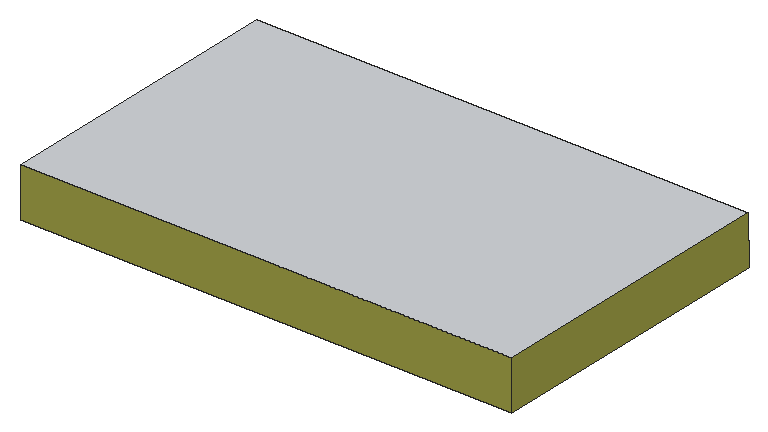
Revit family "KCPD_DA KE GOI", category Generic Models, Revit 2027
Family settings
  Can host rebar = Yes
  Round Connector Dimension = Use Diameter
  Part Type = Normal
  Work Plane-Based = No
  Always vertical = Yes
  Cut with Voids When Loaded = No
  Maintain Annotation Orientation = No
  Shared = No
  Room Calculation Point = No
Parameters
  Đơn vị = "CẤU KIỆN"
  iDECO_TotalWeight [instance] = 0
  iDECO_TotalLength [instance] = 0
  iDECO_SplitLength [instance] = ""
  iDECO_ShapeCode [instance] = ""
  Section Name [instance] = ""
  RebarVolumn [instance] = ""
  iDECO_R [instance] = ""
  iDECO_NumberJoint [instance] = 0
  iDECO_Number [instance] = 0
  iDECO_Notes [instance] = ""
  iDECO_LengthGroup [instance] = ""
  iDECO_Length [instance] = ""
  iDECO_Lapsplice [instance] = 0
  iDECO_K [instance] = ""
  iDECO_J [instance] = ""
  iDECO_H [instance] = ""
  Group View Name [instance] = ""
  iDECO_G [instance] = ""
  iDECO_F [instance] = ""
  iDECO_E [instance] = ""
  iDECO_Density [instance] = 0
  iDECO_D [instance] = ""
  iDECO_C [instance] = ""
  iDECO_BaseName [instance] = ""
  iDECO_B [instance] = ""
  iDECO_Angles [instance] = ""
  AcceptBar [instance] = 0
  iDECO_A [instance] = ""
  Tên nhóm cấu kiện [instance] = ""
  Tên cấu kiện [instance] = ""
  Tên công trình [instance] = ""
  Thời gian kết thúc [instance] = ""
  Thời gian bắt đầu [instance] = ""
  Rebar Spacing [instance] = 0 mm
  Nhóm cấu kiện = "GỐI"
  Mô tả [instance] = ""
  Model Material = none
  Loại cấu kiện = "ĐÁ KÊ GỐI"
  Loại bê tông = ""
  Khối lượng bê tông [instance] = 0.00 m³
  Hạng mục = "KẾT CẤU PHẦN DƯỚI"
  Giá trị [instance] = ""
  Diện tích ván khuôn [instance] = 0.00 m²
  Default Elevation = 0 mm
  DKG_W [instance] = 1500 mm
  DKG_L [instance] = 900 mm
  DKG_L_Tim_Mep [instance] = 500 mm
  DKG_H [instance] = 100 mm
  Công trình = "CẦU"
  A6 [instance] = 600 mm
  A5 [instance] = 1000 mm
  A4 [instance] = 1300 mm
  A2 [instance] = 0 mm
  A100 [instance] = ""
  A1 [instance] = 100 mm
Reference planes
  plane 1 "Center (Front/Back)": y = 0
  plane 2: z = 0
  plane 3 "Center (Left/Right)": x = 0
  plane 4: z = 100
  plane 5: x = 1000
  plane 6: x = -500
  plane 7: y = 450
  plane 8: y = -450
  plane 9: x = 1000
  plane 10: x = -500
  plane 11: y = 450
  plane 12: y = -450
  plane 13: z = 0
  plane 14: z = -50
Forms (mm)
  SweptBlend 1, solid, material <- "Model Material"
    path origin (0, 0, 0) x (1, 0, 0) y (0, 0, 1)
      loop
        line (0, -50) -> (0, 100)
    profile origin (0, 0, -50) x (-1, 0, 0) y (0, -1, 0)
      loop
        line (500, -450) -> (500, 450) -> (-1000, 450) -> (-1000, -450) -> (500, -450)
    end profile origin (0, 0, 100) x (-1, 0, 0) y (0, -1, 0)
      loop
        line (500, -450) -> (500, 450) -> (-1000, 450) -> (-1000, -450) -> (500, -450)
Dimensions and locks
  "DKG_H": plane 4 to level
  equal spacing: plane 11, plane 1 "Center (Front/Back)", plane 12
  "DKG_L": plane 11 to plane 12
  "DKG_L_Tim_Mep": plane 10 to plane 3 "Center (Left/Right)"
  "DKG_W": plane 10 to plane 9
  "DKG_W": plane 6 to plane 5
  equal spacing: plane 7, plane 1 "Center (Front/Back)", plane 8
  "DKG_L": plane 7 to plane 8
  "DKG_L_Tim_Mep": plane 6 to plane 3 "Center (Left/Right)"
  locked: plane 14 to level at 50
  aligned and locked: level to plane 2
  aligned and locked: plane 3 "Center (Left/Right)" to SweptBlend 1 sketch curve
  aligned and locked: plane 4 to SweptBlend 1 sketch curve
  aligned and locked: SweptBlend 1 sketch curve to plane 10
  aligned and locked: SweptBlend 1 sketch curve to plane 7
  aligned and locked: SweptBlend 1 sketch curve to plane 6
  aligned and locked: SweptBlend 1 sketch curve to plane 8
  aligned and locked: SweptBlend 1 sketch curve to plane 5
  aligned and locked: plane 14 to SweptBlend 1 sketch curve
Automatic sketch dimensions
  SweptBlend 1 sketch curve to plane 9 = 0 mm
  plane 11 to SweptBlend 1 sketch curve = 0 mm
  plane 12 to SweptBlend 1 sketch curve = 0 mm
